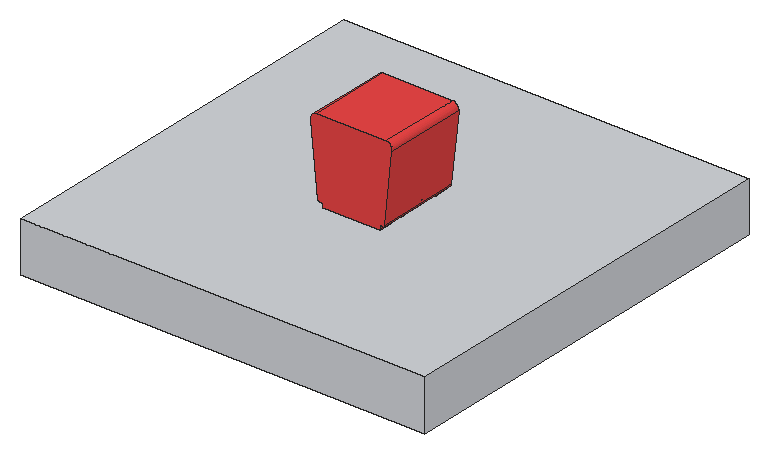
Revit family "Modullaro ML 07", category Meble, Revit 2018
Family settings
  Obiekt nadrzędny = Powierzchnia
  Numer OmniClass = 23.40.10.11.14
  Tytuł OmniClass = Exterior Seating
  Tnij formami wycięć po wczytaniu = Nie
  Współdzielony = Nie
  Punkt obliczania pomieszczeń = Nie
Parameters (values of type "Modullaro ML 07")
  Wysokość = 500 mm  # constant formula
  Waga (szacunkowo) = 8.00 kg  # constant formula
  URL = "http://astrini-design.pl/"
  Temepratura użytkowania = "-40°C do 80°C, ( -40°F do 176°F )"  # constant formula
  Szerokość = 494 mm  # constant formula
  Producent = "Astrini Design"  # constant formula
  Obraz typu = ML-7.jpg
  Model = "Modullaro ML 07"  # constant formula
  Materiał - informacja = "Szeroki wybór kolorów wg palety RAL. Istnieje również możliwość specjalnego wykonania kolorystycznego na indywidualne zapytanie klienta."
  Materiał [instance] = ASTRINI DESIGN_Laminat PWS
  Komentarze do typu = "Ławka"  # constant formula
  IfcExportAs = "IfcFurnishingElement"  # constant formula
  Długość = 500 mm  # constant formula
  Default Elevation = 1219.2 mm
Reference planes
  plane 1 "Środek (Przód/Tył)": y = 0
  plane 2: z = 0
  plane 3 "Środek (Lewa/Prawa)": x = 0
  plane 4: y = 500
  plane 5: y = -500
Forms (mm)
  Extrusion 1, solid
    sketch origin (0, 0, 0) x (1, 0, 0) y (0, 1, 0)
      loop
        line (-1219.2, 1219.2) -> (-1219.2, -1219.2) -> (1219.2, -1219.2) -> (1219.2, 1219.2) -> (-1219.2, 1219.2)
    from 0 to -304.8
  Extrusion 2, void
    sketch origin (0, 250, 0) x (1, 0, 0) y (0, 1, 0)
      loop
        arc (-162.837, -413.471) -> (-134.857, -375.279) -> (-162.837, -337.087) r 40.055
        arc (-162.837, -337.087) -> (-175.694, -327.555) -> (-179.954, -312.128) r 24.571
        line (-179.954, -312.128) -> (-295, -312.128) -> (-295, -437.082) -> (-180, -437.082)
        arc (-180, -437.082) -> (-175.305, -422.452) -> (-162.837, -413.471) r 24.57
      loop
        arc (162.837, -413.471) -> (175.305, -422.452) -> (180, -437.082) r 24.57
        line (180, -437.082) -> (295, -437.082) -> (295, -312.128) -> (179.954, -312.128)
        arc (179.954, -312.128) -> (175.694, -327.555) -> (162.837, -337.087) r 24.571
        arc (162.837, -337.087) -> (134.857, -375.279) -> (162.837, -413.471) r 40.055
      loop
        arc (-162.837, -84.029) -> (-175.305, -75.048) -> (-180, -60.418) r 24.57
        line (-180, -60.418) -> (-295, -60.418) -> (-295, -185.372) -> (-179.954, -185.372)
        arc (-179.954, -185.372) -> (-175.694, -169.945) -> (-162.837, -160.413) r 24.571
        arc (-162.837, -160.413) -> (-134.857, -122.221) -> (-162.837, -84.029) r 40.055
      loop
        arc (162.837, -84.029) -> (134.857, -122.221) -> (162.837, -160.413) r 40.055
        arc (162.837, -160.413) -> (175.694, -169.945) -> (179.954, -185.372) r 24.571
        line (179.954, -185.372) -> (295, -185.372) -> (295, -60.418) -> (180, -60.418)
        arc (180, -60.418) -> (175.305, -75.048) -> (162.837, -84.029) r 24.57
    from -30 to 24.5
  Extrusion 3, solid, material "ASTRINI DESIGN_Laminat PWS" <- "Materiał", detail levels fine
    sketch origin (0, 239.078, 0) x (1, 0, 0) y (0, 0, 1)
      loop
        line (-245.577, 448.862) -> (-200.96, 33.931)
        arc (-200.96, 33.931) -> (-197.7, 27.561) -> (-191.018, 25) r 10
        line (-191.018, 25) -> (-180, 25)
        arc (-180, 25) -> (-176.464, 23.536) -> (-175, 20) r 5
        line (-175, 20) -> (-175, 5)
        arc (-175, 5) -> (-173.536, 1.464) -> (-170, 0) r 5
        line (-170, 0) -> (170, 0)
        arc (170, 0) -> (173.536, 1.464) -> (175, 5) r 5
        line (175, 5) -> (175, 20)
        arc (175, 20) -> (176.464, 23.536) -> (180, 25) r 5
        line (180, 25) -> (191.018, 25)
        arc (191.018, 25) -> (197.7, 27.561) -> (200.96, 33.931) r 10
        line (200.96, 33.931) -> (245.577, 448.862)
        arc (245.577, 448.862) -> (236.429, 478.862) -> (208.448, 493.03) r 39.979
        arc (208.448, 493.03) -> (0, 499.871) -> (-208.448, 493.03) r 3179.203
        arc (-208.448, 493.03) -> (-236.429, 478.862) -> (-245.577, 448.862) r 39.979
    from -13.071 to 486.929
  Extrusion 4, solid, material "ASTRINI DESIGN_Laminat PWS" <- "Materiał", detail levels medium
    sketch origin (0, 239.078, 0) x (1, 0, 0) y (0, 0, 1)
      loop
        line (-245.577, 448.862) -> (-197.312, 0) -> (197.312, 0) -> (245.577, 448.862)
        arc (245.577, 448.862) -> (236.429, 478.862) -> (208.448, 493.03) r 39.979
        arc (208.448, 493.03) -> (0, 499.871) -> (-208.448, 493.03) r 3179.203
        arc (-208.448, 493.03) -> (-236.429, 478.862) -> (-245.577, 448.862) r 39.979
    from -13.071 to 486.929
  Extrusion 5, solid, material "ASTRINI DESIGN_Laminat PWS" <- "Materiał", detail levels coarse
    sketch origin (0, 239.078, 0) x (1, 0, 0) y (0, 0, 1)
      loop
        line (245.577, 0) -> (245.577, 499.871) -> (-245.577, 499.871) -> (-245.577, 0) -> (245.577, 0)
    from -13.071 to 486.929
Cuts and joins
  Extrusion 2 cuts Extrusion 3
Lines and regions (mm)
  symbolic lines
    curve 1: line (-245.806, 252.149, 0) -> (245.806, 252.149, 0)
    curve 2: line (-245.806, -250, 0) -> (-245.806, 252.149, 0)
    curve 3: line (245.806, -250, 0) -> (-245.806, -250, 0)
    curve 4: line (245.806, 252.149, 0) -> (245.806, -250, 0)
Dimensions and locks
  aligned and locked: plane 2 to Extrusion 1
  aligned and locked: level to Extrusion 1
